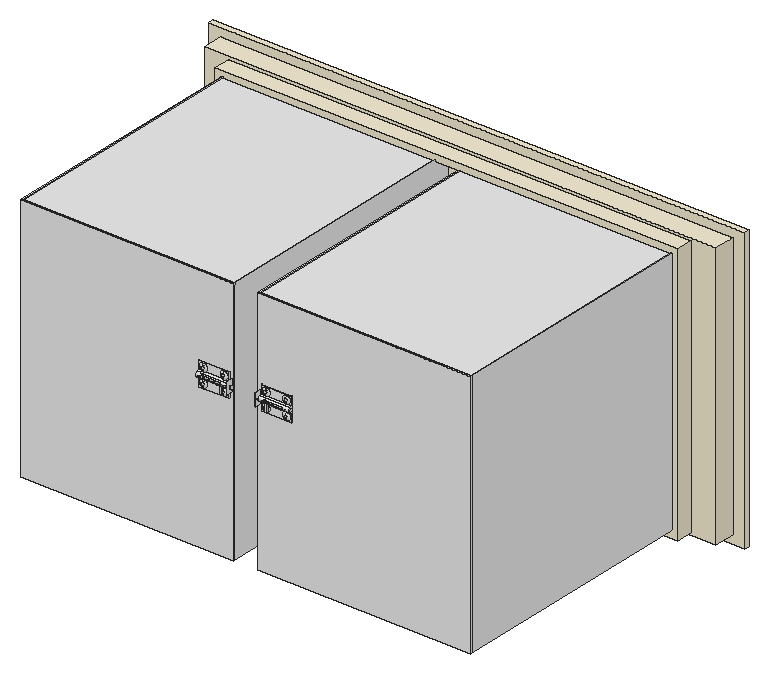
Revit family "4C-4_Door_High_Units_RL.rfa", category Specialty Equipment, host Wall, Revit 2016
Family settings
  Host = Wall
  Part Type = Normal
  Round Connector Dimension = Use Diameter
  Always vertical = Yes
  Cut with Voids When Loaded = No
  Shared = No
  Room Calculation Point = No
Parameters (values of type "3704D-06 RL")
  Width = 31.09766"
  Visible Door Number [instance] = yes
  Vertical Center Divider = yes
  Version = "2.0 (08/09/16)"
  Type Comments = "4C Standard Horizontal Mailbox - Rear Loading"
  Top Back Plate = no
  Right Inside Wall = yes
  Model = "3704D-06 RL"
  MasterFormat Title = "Postal Specialties"
  MasterFormat Number = "10 55 00"
  Manufacturer = "Salsbury Industries"
  Lock Material = Stainless Steel -Salsbury Finish =  Polished
  Left Inside Wall = yes
  Latch Lock - Right Side = yes
  Latch Lock - Left Side = yes
  Latch Alignment = 14.85742"
  Keynote = ""
  Height = 16.470"
  Front Panel Material [instance] = Aluminum - Salsbury Finish = Sandstone
  Door Slot R4 Number [instance] = "6"
  Door Slot R4 = 3700 Series 4C Door Configurations : MB1 Door w/ Divider
  Door Slot R3 Number [instance] = "0"
  Door Slot R3 = 3700 Series 4C OM2 Configuration : OM2-RL
  Door Slot R2 Number [instance] = "0"
  Door Slot R2 = 3700 Series 4C Door Configurations : Empty
  Door Slot R1 Number [instance] = "5"
  Door Slot R1 = 3700 Series 4C Door Configurations : MB1 Door
  Door Slot L4 Number [instance] = "4"
  Door Slot L4 = 3700 Series 4C Door Configurations : MB1 Door w/ Divider
  Door Slot L3 Number [instance] = "3"
  Door Slot L3 = 3700 Series 4C Door Configurations : MB1 Door w/ Divider
  Door Slot L2 Number [instance] = "2"
  Door Slot L2 = 3700 Series 4C Door Configurations : MB1 Door w/ Divider
  Door Slot L1 Number [instance] = "1"
  Door Slot L1 = 3700 Series 4C Door Configurations : MB1 Door
  Description = "4 Door High Unit: 6 MB1, OM2"
  Depth = 17.025"
  Center Extrusion Offset [instance] = 0.000"
  Bottom Back Plate = no
  Back Enclosure Material = Aluminum - Salsbury Finish = Anodized
  Assembly Code = "C1030910"
  Above Finished Floor (AFF-Bottom of Unit) [instance] = 26.683"
  Above Finished Floor (AFF-Bottom of Door) [instance] = 28.000"
Reference planes (in)
  plane 1 "Wall Centerline": y = 0
  plane 2 "Center (Left/Right)": x = 0
  plane 3 "Front": y = 3
  plane 4 "15" AFF": z = 28
  plane 5 "28" AFF": z = 28
  plane 6 "36" AFF": z = 36
  plane 7 "48" AFF": z = 48
  plane 8 "Bottom of Unit": z = 26.683
  plane 9 "Top of Unit": z = 43.153
  plane 10 "Left Side of Unit": x = 15.54883
  plane 11 "Right Side of Unit": x = -15.54883
  plane 12 "28" AFF_Bottom of Unit": z = 26.683
  plane 13 "Top Horiz Trim Align": z = 42.32225
  plane 14 "Bottom Horiz Trim Align": z = 27.515
  plane 15 "Left Trim Align": x = 14.716
  plane 16 "Right Trim Align": x = -14.716
  plane 17 "Left Door Align": x = 14.06641
  plane 18 "Right Door Align": x = -14.06641
  plane 19 "Top Horiz Door Align": z = 41.73125
  plane 20 "Bottom Horiz Door Align": z = 28
  plane 21 "Front Face of Unit": y = 3.265
  plane 22 "Top Housing Align": z = 42.649
  plane 23 "Top Collar Align": z = 42.501
  plane 24 "Top Box Align": z = 42.146
  plane 25 "Vertical Housing Align": y = 1.795
  plane 26 "Vertical Collar Align": y = 0.795
  plane 27 "Back of Unit": y = -13.76
  plane 28 "Bottom Housing Align": z = 27.187
  plane 29 "Bottom Collar Align": z = 27.335
  plane 30 "Bottom Box Align": z = 27.75
  plane 31 "Door Alignment": y = 2.66809
  plane 32 "Right Housing Align": x = -14.84183
  plane 33 "Right Collar Align": x = -13.40883
  plane 34 "Right Box Side Align": x = -13.08083
  plane 35 "Left Housing Align": x = 14.84183
  plane 36 "Left Collar Align": x = 13.40883
  plane 37 "Left Side Box Align": x = 13.08083
  plane 38 "Top Back Plate Align": z = 41.367
  plane 39 "Back": y = -3
  plane 40 "RO Left Side": x = 15.17383
  plane 41 "RO Right Side": x = -15.17383
  plane 42 "RO Bottom": z = 27.058
  plane 43 "RO Top": z = 42.778
  plane 44 "Horiz Centerline": z = 42.04237
  plane 45: x = 12.99983
  plane 46: x = 12.92758
  plane 47 "Center Extrusion": x = 0
  plane 48 "Center Extrusion Offset": x = 0
  plane 49 "Row 4 Top Align": z = 31.5
  plane 50 "Row 3 Top Align": z = 35
  plane 51 "Row 2 Top Align": z = 38.5
  plane 52 "Top of base shelf": z = 28.41625
  plane 53 "base shelf void": z = 28.23439
  plane 54: z = 29.999
  plane 55: z = 28.499
  plane 56 "bottom of base shelf": z = 27.88469
  plane 57: x = -0.69141
  plane 58: x = 0.69141
  plane 59: z = 36.8
Forms (in)
  Extrusion 1, void
    sketch origin (0, 3, 0) x (1, 0, 0) y (0, 0, 1)
      loop
        line (15.17383, 42.778) -> (-15.17383, 42.778) -> (-15.17383, 27.058) -> (15.17383, 27.058) -> (15.17383, 42.778)
    from 0 to 15.27914
  Extrusion 2, solid, material "Aluminum - Salsbury Finish = Sandstone" <- "Front Panel Material"
    sketch origin (0, 3, 0) x (1, 0, 0) y (0, 0, 1)
      loop
        line (15.54883, 43.153) -> (-15.54883, 43.153) -> (-15.54883, 26.683) -> (15.54883, 26.683) -> (15.54883, 43.153)
    from -0.265 to 0
  Extrusion 3, void
    sketch origin (0, 3.265, 0.00774) x (0, 0, -1) y (-1, 0, 0)
      loop
        line (-42.31451, -14.716) -> (-27.50726, -14.716) -> (-27.50726, 14.716) -> (-42.31451, 14.716) -> (-42.31451, -14.716)
    from -0.265 to 0
  Extrusion 4, solid, material "Aluminum - Salsbury Finish = Sandstone" <- "Front Panel Material"
    sketch origin (14.98214, 3.265, -1.67978) x (0, 0, -1) y (-1, 0, 0)
      loop
        line (-44.00203, 29.69814) -> (-44.00203, 29.04855) -> (-29.19478, 29.04855) -> (-29.19478, 29.69814) -> (-44.00203, 29.69814)
    from 0 to -0.265
  Extrusion 5, solid, material "Aluminum - Salsbury Finish = Sandstone" <- "Front Panel Material"
    sketch origin (0, 3.265, 84.08475) x (0, 0, 1) y (1, 0, 0)
      loop
        line (-56.56975, 14.06641) -> (-56.56975, -14.06641) -> (-56.08475, -14.06641) -> (-56.08475, 14.06641) -> (-56.56975, 14.06641)
    from -0.265 to 0
  Extrusion 6, solid, material "Aluminum - Salsbury Finish = Sandstone" <- "Front Panel Material"
    sketch origin (0, 3, 84.08475) x (1, 0, 0) y (0, 0, 1)
      loop
        line (-14.84183, -56.89775) -> (14.84183, -56.89775) -> (14.84183, -41.43575) -> (-14.84183, -41.43575) -> (-14.84183, -56.89775)
    from 0 to 1.205
  Extrusion 7, solid, material "Aluminum - Salsbury Finish = Sandstone" <- "Front Panel Material"
    sketch origin (0, 1.795, 0) x (0, 0, 1) y (-1, 0, 0)
      loop
        line (27.335, 13.40883) -> (27.335, -13.40883) -> (42.501, -13.40883) -> (42.501, 13.40883) -> (27.335, 13.40883)
    from 0 to 1
  Extrusion 8, void
    sketch origin (0, 1.795, 0) x (0, 0, 1) y (-1, 0, 0)
      loop
        line (42.146, 13.08083) -> (27.75, 13.08083) -> (27.75, -13.08083) -> (42.146, -13.08083) -> (42.146, 13.08083)
    from 0 to 1
  Extrusion 9, solid, material "Aluminum - Salsbury Finish = Sandstone" <- "Front Panel Material"
    sketch origin (0, 3.265, 0) x (0, 0, -1) y (-1, 0, 0)
      loop
        line (-42.32225, -14.716) -> (-27.515, -14.716) -> (-27.515, -14.06641) -> (-42.32225, -14.06641) -> (-42.32225, -14.716)
    from 0 to -0.265
  Extrusion 10, solid, material "Aluminum - Salsbury Finish = Sandstone" <- "Front Panel Material"
    sketch origin (0, 3.265, 0) x (0, 0, -1) y (-1, 0, 0)
      loop
        line (-42.32225, -14.06641) -> (-41.73125, -14.06641) -> (-41.73125, 14.06641) -> (-42.32225, 14.06641) -> (-42.32225, -14.06641)
    from -0.265 to 0
  Extrusion 11, void
    sketch origin (0, 1.795, 0) x (0, 0, 1) y (-1, 0, 0)
      loop
        line (42.501, -13.40883) -> (42.501, 13.40883) -> (27.335, 13.40883) -> (27.335, -13.40883) -> (42.501, -13.40883)
    from -1.124 to 0
  Extrusion 12, void
    sketch origin (0, 3, 0) x (1, 0, 0) y (0, 0, 1)
      loop
        line (14.06641, 42.501) -> (-14.06641, 42.501) -> (-14.06641, 27.335) -> (14.06641, 27.335) -> (14.06641, 42.501)
    from 0 to 0.33191
  Extrusion 13, solid, material "Aluminum - Salsbury Finish = Anodized" <- "Back Enclosure Material"
    sketch origin (-0.54283, 1.795, 0) x (0, 0, 1) y (-1, 0, 0)
      loop
        line (42.146, 12.538) -> (27.75, 12.538) -> (27.75, 12.457) -> (42.146, 12.457) -> (42.146, 12.538)
    from 0 to 15.47297
  Extrusion 14, solid, material "Aluminum - Salsbury Finish = Anodized" <- "Back Enclosure Material", visible <- "Right Inside Wall"
    sketch origin (11.7675, 1.795, 0) x (0, 0, 1) y (-1, 0, 0)
      loop
        line (42.146, 12.538) -> (27.75, 12.538) -> (27.75, 12.457) -> (42.146, 12.457) -> (42.146, 12.538)
    from 0 to 15.47297
  Extrusion 15, solid, material "Aluminum - Salsbury Finish = Anodized" <- "Back Enclosure Material"
    sketch origin (0.54283, 1.795, 0) x (0, 0, 1) y (-1, 0, 0)
      loop
        line (42.146, -12.538) -> (42.146, -12.457) -> (27.75, -12.457) -> (27.75, -12.538) -> (42.146, -12.538)
    from 0 to 15.47297
  Extrusion 16, solid, material "Aluminum - Salsbury Finish = Anodized" <- "Back Enclosure Material", visible <- "Left Inside Wall"
    sketch origin (-11.7675, 1.795, 0) x (0, 0, 1) y (-1, 0, 0)
      loop
        line (42.146, -12.538) -> (42.146, -12.457) -> (27.75, -12.457) -> (27.75, -12.538) -> (42.146, -12.538)
    from 0 to 15.47297
  Extrusion 17, solid, material "Aluminum - Salsbury Finish = Anodized" <- "Back Enclosure Material"
    sketch origin (0, -13.76, 0) x (0, 0, 1) y (-1, 0, 0)
      loop
        line (42.146, 13.08083) -> (27.75, 13.08083) -> (27.75, -13.08083) -> (42.146, -13.08083) -> (42.146, 13.08083)
    from -0.08203 to 0
  Extrusion 18, solid, material "Aluminum - Salsbury Finish = Anodized" <- "Back Enclosure Material"
    sketch origin (0, 0, 42.146) x (0, 1, 0) y (-1, 0, 0)
      loop
        line (1.795, 12.99983) -> (-13.67797, 12.99983) -> (-13.67797, -12.99983) -> (1.795, -12.99983) -> (1.795, 12.99983)
    from -0.35871 to 0
  Extrusion 19, void
    sketch origin (0, 0, 42.146) x (0, 1, 0) y (-1, 0, 0)
      loop
        line (1.7325, 12.93342) -> (-13.61547, 12.93342) -> (-13.61547, -12.92758) -> (1.7325, -12.92758) -> (1.7325, 12.93342)
    from -0.0723 to -0.6459
  Extrusion 20, solid, material "Aluminum - Salsbury Finish = Anodized" <- "Back Enclosure Material"
    sketch origin (0, 0, 27.88469) x (-1, 0, 0) y (0, -1, 0)
      loop
        line (12.99983, -1.795) -> (12.99983, 13.67797) -> (-12.99983, 13.67797) -> (-12.99983, -1.795) -> (12.99983, -1.795)
    from 0.53156 to 0
  Extrusion 21, void
    sketch origin (0, 0, 27.88469) x (-1, 0, 0) y (0, -1, 0)
      loop
        line (12.93342, -1.7325) -> (12.93342, 13.61547) -> (-12.92758, 13.61547) -> (-12.92758, -1.7325) -> (12.93342, -1.7325)
    from 0.3497 to 0
  Extrusion 22, solid, material "Aluminum - Salsbury Finish = Anodized" <- "Back Enclosure Material", visible <- "Top Back Plate"
    sketch origin (0, -13.76, 0) x (0, 0, 1) y (-1, 0, 0)
      loop
        line (41.367, 2) -> (39.867, 2) -> (39.867, -2) -> (41.367, -2) -> (41.367, 2)
    from 0 to 0.08203
  Extrusion 23, solid, material "Aluminum - Salsbury Finish = Anodized" <- "Back Enclosure Material", visible <- "Bottom Back Plate"
    sketch origin (0, -13.76, 84.11475) x (0, 0, -1) y (1, 0, 0)
      loop
        line (55.61575, -2) -> (55.61575, 2) -> (54.11575, 2) -> (54.11575, -2) -> (55.61575, -2)
    from 0 to 0.08203
  Extrusion 24, void
    sketch origin (0, 0, 0) x (0, 0, 1) y (0, 1, 0)
      loop
        line (42.146, 1.795) -> (42.32225, 1.795) -> (42.32225, 3.265) -> (27.515, 3.265) -> (27.515, 1.795) -> (27.75, 1.795) -> (27.75, -13.76) -> (42.146, -13.76) -> (42.146, 1.795)
    from -0.69141 to 0.69141
  Extrusion 25, solid, material "Aluminum - Salsbury Finish = Sandstone" <- "Front Panel Material", visible <- "Vertical Center Divider"
    sketch origin (-0.77934, 3.265, 0) x (0, 0, -1) y (-1, 0, 0)
      loop
        line (-42.32225, -1.47075) -> (-27.515, -1.47075) -> (-27.515, -0.08794) -> (-42.32225, -0.08794) -> (-42.32225, -1.47075)
    from 0 to -1.47
Cuts and joins
  Extrusion 3, Extrusion 11, Extrusion 24 cuts Extrusion 2
  Extrusion 8, Extrusion 11, Extrusion 12, Extrusion 24 cuts Extrusion 5
  Extrusion 8, Extrusion 12, Extrusion 19, Extrusion 24 cuts Extrusion 7
  Extrusion 11, Extrusion 12, Extrusion 24 cuts Extrusion 10
  Extrusion 11, Extrusion 12 cuts Extrusion 6
  Extrusion 12 cuts Extrusion 4
  Extrusion 12 cuts Extrusion 9
  Extrusion 19, Extrusion 21, Extrusion 24 cuts Extrusion 18
  Extrusion 21, Extrusion 24 cuts Extrusion 20
  Extrusion 24 cuts Extrusion 17
  Extrusion 24 cuts Extrusion 22
  Extrusion 24 cuts Extrusion 23
Lines and regions (in)
  model lines
    curve 1: line (15.54883, 3.265, 43.153) -> (14.716, 3.265, 42.32017)
    curve 2: line (-15.54883, 3.265, 43.153) -> (-14.716, 3.265, 42.32017)
    curve 3: line (-15.54883, 3.265, 26.683) -> (-14.716, 3.265, 27.51583)
    curve 4: line (15.54883, 3.265, 26.683) -> (14.716, 3.265, 27.51583)
  reference lines
    curve 5: line (-14.06641, 2.66809, 25.683) -> (-14.06641, 2.66809, 47.43425)
    curve 6: line (14.06641, 2.66809, 26.183) -> (14.06641, 2.66809, 47.43425)
Text (in)
  text "Placement Side" at (0, 40.15149, 123.01588), in view "Right"
  text "Placement Side" at (-58.6842, 42.74981, 0), in view "Ref. Level"
  text "Placement Side" at (0, 47.49176, 140.59947), in view "Left"
Dimensions and locks (in)
  locked: plane 3 "Front" to host wall
  "Above Finished Floor (AFF-Bottom of Door)": level to plane 4 "15" AFF"
  locked: level to plane 5 "28" AFF" at 28
  locked: level to plane 6 "36" AFF" at 36
  locked: level to plane 7 "48" AFF" at 48
  equal spacing: plane 11 "Right Side of Unit", plane 2 "Center (Left/Right)", plane 10 "Left Side of Unit"
  plane 8 "Bottom of Unit" to plane 4 "15" AFF" = 1.317"
  "Width": plane 11 "Right Side of Unit" to plane 10 "Left Side of Unit"
  "Height": plane 8 "Bottom of Unit" to plane 9 "Top of Unit"
  plane 12 "28" AFF_Bottom of Unit" to plane 5 "28" AFF" = 1.317"
  locked: plane 15 "Left Trim Align" to plane 10 "Left Side of Unit" at 0.83283
  locked: plane 16 "Right Trim Align" to plane 11 "Right Side of Unit" at 0.83283
  locked: plane 13 "Top Horiz Trim Align" to plane 9 "Top of Unit" at 0.83075
  locked: plane 8 "Bottom of Unit" to plane 14 "Bottom Horiz Trim Align" at 0.832
  plane 17 "Left Door Align" to plane 15 "Left Trim Align" = 0.64959"
  plane 18 "Right Door Align" to plane 16 "Right Trim Align" = 0.64959"
  locked: plane 19 "Top Horiz Door Align" to plane 13 "Top Horiz Trim Align" at 0.591
  locked: plane 14 "Bottom Horiz Trim Align" to plane 20 "Bottom Horiz Door Align" at 0.485
  plane 20 "Bottom Horiz Door Align" to level = 28.000"
  plane 5 "28" AFF" to level = 28.000"
  plane 6 "36" AFF" to level = 36.000"
  plane 7 "48" AFF" to level = 48.000"
  plane 9 "Top of Unit" to plane 8 "Bottom of Unit" = 16.470"
  plane 21 "Front Face of Unit" to host wall = 0.265"
  locked: host wall to plane 25 "Vertical Housing Align" at 1.205
  locked: plane 25 "Vertical Housing Align" to plane 26 "Vertical Collar Align" at 1
  plane 25 "Vertical Housing Align" to plane 27 "Back of Unit" = 15.555"
  "Depth": plane 21 "Front Face of Unit" to plane 27 "Back of Unit"
  locked: plane 9 "Top of Unit" to plane 22 "Top Housing Align" at 0.504
  locked: plane 22 "Top Housing Align" to plane 23 "Top Collar Align" at 0.148
  locked: plane 23 "Top Collar Align" to plane 24 "Top Box Align" at 0.355
  locked: plane 28 "Bottom Housing Align" to plane 8 "Bottom of Unit" at 0.504
  locked: plane 29 "Bottom Collar Align" to plane 28 "Bottom Housing Align" at 0.148
  locked: plane 30 "Bottom Box Align" to plane 29 "Bottom Collar Align" at 0.415
  plane 24 "Top Box Align" to plane 30 "Bottom Box Align" = 14.396"  (x2)
  locked: plane 21 "Front Face of Unit" to plane 31 "Door Alignment" at 0.59691
  plane 11 "Right Side of Unit" to plane 32 "Right Housing Align" to plane 33 "Right Collar Align" to plane 34 "Right Box Side Align" = 0.707" locked, 1.433" locked, 0.328" locked
  plane 37 "Left Side Box Align" to plane 36 "Left Collar Align" to plane 35 "Left Housing Align" to plane 10 "Left Side of Unit" = 0.328" locked, 1.433" locked, 0.707" locked
  plane 11 "Right Side of Unit" to plane 32 "Right Housing Align" to plane 33 "Right Collar Align" to plane 34 "Right Box Side Align" = 0.707", 1.433", 0.328"
  plane 37 "Left Side Box Align" to plane 36 "Left Collar Align" to plane 35 "Left Housing Align" to plane 10 "Left Side of Unit" = 0.328", 1.433", 0.707"
  plane 9 "Top of Unit" to plane 24 "Top Box Align" = 1.007"
  plane 30 "Bottom Box Align" to plane 8 "Bottom of Unit" = 1.067"
  locked: plane 24 "Top Box Align" to plane 38 "Top Back Plate Align" at 0.779
  locked: plane 40 "RO Left Side" to plane 10 "Left Side of Unit" at 0.375
  locked: plane 41 "RO Right Side" to plane 11 "Right Side of Unit" at 0.375
  locked: plane 8 "Bottom of Unit" to plane 42 "RO Bottom" at 0.375
  locked: plane 43 "RO Top" to plane 9 "Top of Unit" at 0.375
  Extrusion 13 to Extrusion 13 = 0.081"
  Extrusion 15 to Extrusion 15 = 0.081"
  plane 45 to plane 37 "Left Side Box Align" = 0.081"
  plane 46 to plane 45 = 0.07225"
  plane 18 "Right Door Align" to plane 17 "Left Door Align" = 28.13281"
  "Center Extrusion Offset": plane 47 "Center Extrusion" to plane 48 "Center Extrusion Offset"
  plane 20 "Bottom Horiz Door Align" to plane 49 "Row 4 Top Align" to plane 50 "Row 3 Top Align" to plane 51 "Row 2 Top Align" = 3.500" locked, 3.500" locked, 3.500" locked
  plane 52 "Top of base shelf" to plane 53 "base shelf void" to plane 56 "bottom of base shelf" to plane 30 "Bottom Box Align" = 0.18186" locked, 0.3497" locked, 0.13469" locked
  plane 54 to plane 55 to plane 8 "Bottom of Unit" = 1.500" locked, 1.816" locked
  "Above Finished Floor (AFF-Bottom of Unit)": level to plane 8 "Bottom of Unit"
  locked: plane 57 to plane 58 at 1.38281
  plane 59 to plane 30 "Bottom Box Align" = 9.050"
  "Latch Alignment": plane 11 "Right Side of Unit" to plane 57
  aligned and locked: plane 8 "Bottom of Unit" to Extrusion 2 sketch curve
  aligned and locked: plane 10 "Left Side of Unit" to Extrusion 2 sketch curve
  aligned and locked: Extrusion 2 sketch curve to plane 11 "Right Side of Unit"
  aligned and locked: Extrusion 2 sketch curve to plane 9 "Top of Unit"
  aligned and locked: plane 21 "Front Face of Unit" to Extrusion 2
  aligned and locked: Extrusion 4 to plane 16 "Right Trim Align"
  aligned and locked: plane 18 "Right Door Align" to Extrusion 4
  aligned and locked: plane 13 "Top Horiz Trim Align" to Extrusion 4
  aligned and locked: Extrusion 5 to plane 14 "Bottom Horiz Trim Align"
  aligned and locked: Extrusion 5 to plane 17 "Left Door Align"
  aligned and locked: plane 20 "Bottom Horiz Door Align" to Extrusion 5
  aligned and locked: Extrusion 5 to plane 18 "Right Door Align"
  aligned and locked: plane 34 "Right Box Side Align" to Extrusion 17 sketch curve
  aligned and locked: Extrusion 17 sketch curve to plane 24 "Top Box Align"
  aligned and locked: Extrusion 17 sketch curve to plane 37 "Left Side Box Align"
  aligned and locked: plane 30 "Bottom Box Align" to Extrusion 17 sketch curve
  aligned and locked: plane 25 "Vertical Housing Align" to Extrusion 18 sketch curve
  aligned and locked: Extrusion 18 sketch curve to plane 45
  aligned and locked: plane 46 to Extrusion 19
  aligned and locked: plane 45 to cut or joined group of Extrusion 18, Extrusion 19, Extrusion 21, Extrusion 24
  aligned and locked: plane 25 "Vertical Housing Align" to Extrusion 20 sketch curve
  aligned and locked: Extrusion 20 sketch curve to plane 45
  aligned and locked: plane 46 to cut or joined group of Extrusion 20, Extrusion 21, Extrusion 24
  aligned and locked: plane 17 "Left Door Align" to cut or joined group of Extrusion 9, Extrusion 12
  aligned and locked: plane 25 "Vertical Housing Align" to Extrusion 25
  aligned and locked: plane 21 "Front Face of Unit" to Extrusion 25
  aligned and locked: nested 5 to plane 17 "Left Door Align"
  aligned and locked: plane 31 "Door Alignment" to nested 5  (x2)
  aligned and locked: nested 6 to plane 17 "Left Door Align"
  aligned and locked: plane 31 "Door Alignment" to nested 6  (x2)
  aligned and locked: nested 3 to curve 5
  aligned and locked: nested 8 to curve 6
  aligned and locked: nested 7 to curve 6
  aligned and locked: nested 6 to curve 6
  aligned and locked: nested 5 to curve 6
  aligned and locked: plane 31 "Door Alignment" to nested 3
  aligned and locked: plane 31 "Door Alignment" to nested 7
  aligned and locked: plane 31 "Door Alignment" to nested 2
  aligned and locked: plane 31 "Door Alignment" to nested 4
  aligned and locked: nested 1 to curve 5
  aligned and locked: nested 2 to curve 5
  aligned and locked: nested 4 to curve 5
  aligned and locked: plane 31 "Door Alignment" to nested 1
  aligned and locked: cut or joined group of Extrusion 23, Extrusion 24 to plane 55
  aligned and locked: plane 52 "Top of base shelf" to cut or joined group of Extrusion 20, Extrusion 21, Extrusion 24
  aligned and locked: cut or joined group of Extrusion 20, Extrusion 21, Extrusion 24 to plane 56 "bottom of base shelf"
  aligned and locked: plane 20 "Bottom Horiz Door Align" to nested 4
  aligned and locked: plane 20 "Bottom Horiz Door Align" to nested 8
  aligned and locked: plane 49 "Row 4 Top Align" to nested 3
  aligned and locked: plane 49 "Row 4 Top Align" to nested 7
  aligned and locked: plane 50 "Row 3 Top Align" to nested 2
  aligned and locked: plane 50 "Row 3 Top Align" to nested 6
  aligned and locked: plane 51 "Row 2 Top Align" to nested 1
  aligned and locked: plane 51 "Row 2 Top Align" to nested 5
  aligned and locked: plane 31 "Door Alignment" to nested 8
  aligned and locked: nested 10 to plane 27 "Back of Unit"
  aligned and locked: nested 9 to plane 27 "Back of Unit"
  aligned and locked: plane 59 to nested 9
  aligned and locked: plane 59 to nested 10
  aligned and locked: plane 57 to nested 10
  aligned and locked: plane 58 to nested 9
Automatic sketch dimensions
  Extrusion 1 sketch curve to plane 41 "RO Right Side" = 0.000"
  plane 40 "RO Left Side" to Extrusion 1 sketch curve = 0.000"
  Extrusion 1 sketch curve to plane 42 "RO Bottom" = 0.000"
  Extrusion 1 sketch curve to plane 43 "RO Top" = 0.000"
  Extrusion 6 sketch curve to plane 22 "Top Housing Align" = 0.000"
  Extrusion 6 sketch curve to plane 32 "Right Housing Align" = 0.000"
  Extrusion 6 sketch curve to plane 35 "Left Housing Align" = 0.000"
  Extrusion 6 sketch curve to plane 28 "Bottom Housing Align" = 0.000"
  Extrusion 7 sketch curve to plane 29 "Bottom Collar Align" = 0.000"
  Extrusion 7 sketch curve to plane 23 "Top Collar Align" = 0.000"
  plane 36 "Left Collar Align" to Extrusion 7 sketch curve = 0.000"
  Extrusion 7 sketch curve to plane 33 "Right Collar Align" = 0.000"
  Extrusion 8 sketch curve to plane 30 "Bottom Box Align" = 0.000"
  Extrusion 8 sketch curve to plane 24 "Top Box Align" = 0.000"
  Extrusion 8 sketch curve to plane 37 "Left Side Box Align" = 0.000"
  plane 34 "Right Box Side Align" to Extrusion 8 sketch curve = 0.000"
  Extrusion 11 sketch curve to plane 29 "Bottom Collar Align" = 0.000"
  Extrusion 11 sketch curve to plane 23 "Top Collar Align" = 0.000"
  plane 36 "Left Collar Align" to Extrusion 11 sketch curve = 0.000"
  plane 33 "Right Collar Align" to Extrusion 11 sketch curve = 0.000"
  Extrusion 13 sketch curve to plane 30 "Bottom Box Align" = 0.000"
  Extrusion 13 sketch curve to plane 24 "Top Box Align" = 0.000"
  plane 34 "Right Box Side Align" to Extrusion 13 sketch curve = 0.000"
  Extrusion 13 sketch curve to Extrusion 13 sketch curve = 0.081"
  Extrusion 15 sketch curve to plane 30 "Bottom Box Align" = 0.000"
  Extrusion 15 sketch curve to plane 24 "Top Box Align" = 0.000"
  plane 37 "Left Side Box Align" to Extrusion 15 sketch curve = 0.000"
  plane 37 "Left Side Box Align" to Extrusion 15 sketch curve = 0.081"
  Extrusion 18 sketch curve to plane 27 "Back of Unit" = 0.08203"
  plane 34 "Right Box Side Align" to Extrusion 18 sketch curve = 0.081"
  curve 2 to plane 9 "Top of Unit" = 0.000"
  curve 1 to plane 9 "Top of Unit" = 0.000"
  curve 2 to plane 16 "Right Trim Align" = 0.000"
  plane 15 "Left Trim Align" to curve 1 = 0.000"
  curve 3 to plane 16 "Right Trim Align" = 0.000"
  plane 15 "Left Trim Align" to curve 4 = 0.000"
  curve 4 to plane 8 "Bottom of Unit" = 0.000"
  curve 3 to plane 8 "Bottom of Unit" = 0.000"
  plane 10 "Left Side of Unit" to curve 4 = 0.000"
  plane 10 "Left Side of Unit" to curve 1 = 0.000"
  plane 11 "Right Side of Unit" to curve 3 = 0.000"
  plane 11 "Right Side of Unit" to curve 2 = 0.000"
  curve 2 to plane 13 "Top Horiz Trim Align" = 0.00208"
  curve 1 to plane 13 "Top Horiz Trim Align" = 0.00208"
  plane 14 "Bottom Horiz Trim Align" to curve 3 = 0.00083"
  plane 14 "Bottom Horiz Trim Align" to curve 4 = 0.00083"
  Extrusion 3 sketch curve to plane 13 "Top Horiz Trim Align" = 0.000"
  Extrusion 3 sketch curve to plane 14 "Bottom Horiz Trim Align" = 0.000"
  plane 15 "Left Trim Align" to Extrusion 3 sketch curve = 0.000"
  Extrusion 3 sketch curve to plane 16 "Right Trim Align" = 0.000"
  plane 13 "Top Horiz Trim Align" to Extrusion 4 sketch curve = 0.000"
  plane 14 "Bottom Horiz Trim Align" to Extrusion 4 sketch curve = 0.000"
  Extrusion 4 sketch curve to plane 16 "Right Trim Align" = 0.000"
  Extrusion 4 sketch curve to plane 18 "Right Door Align" = 0.000"
  Extrusion 5 sketch curve to plane 14 "Bottom Horiz Trim Align" = 0.000"
  Extrusion 5 sketch curve to plane 4 "15" AFF" = 0.000"
  plane 17 "Left Door Align" to Extrusion 5 sketch curve = 0.000"
  Extrusion 5 sketch curve to plane 18 "Right Door Align" = 0.000"
  Extrusion 9 sketch curve to plane 13 "Top Horiz Trim Align" = 0.000"
  Extrusion 9 sketch curve to plane 14 "Bottom Horiz Trim Align" = 0.000"
  plane 15 "Left Trim Align" to Extrusion 9 sketch curve = 0.000"
  plane 17 "Left Door Align" to Extrusion 9 sketch curve = 0.000"
  Extrusion 10 sketch curve to plane 13 "Top Horiz Trim Align" = 0.000"
  plane 17 "Left Door Align" to Extrusion 10 sketch curve = 0.000"
  Extrusion 10 sketch curve to plane 18 "Right Door Align" = 0.000"
  Extrusion 10 sketch curve to plane 19 "Top Horiz Door Align" = 0.000"
  Extrusion 12 sketch curve to plane 18 "Right Door Align" = 0.000"
  plane 17 "Left Door Align" to Extrusion 12 sketch curve = 0.000"
  Extrusion 12 sketch curve to plane 29 "Bottom Collar Align" = 0.000"
  Extrusion 12 sketch curve to plane 23 "Top Collar Align" = 0.000"
  Extrusion 14 sketch curve to plane 30 "Bottom Box Align" = 0.000"
  Extrusion 14 sketch curve to plane 24 "Top Box Align" = 0.000"
  Extrusion 14 sketch curve to plane 2 "Center (Left/Right)" = 0.6895"
  Extrusion 14 sketch curve to Extrusion 14 sketch curve = 0.081"
  Extrusion 16 sketch curve to plane 30 "Bottom Box Align" = 0.000"
  Extrusion 16 sketch curve to plane 24 "Top Box Align" = 0.000"
  Extrusion 16 sketch curve to plane 2 "Center (Left/Right)" = 0.6895"
  Extrusion 16 sketch curve to Extrusion 16 sketch curve = 0.081"
  Extrusion 19 sketch curve to plane 46 = 0.000"
  Extrusion 19 sketch curve to plane 27 "Back of Unit" = 0.14453"
  plane 25 "Vertical Housing Align" to Extrusion 19 sketch curve = 0.0625"
  plane 34 "Right Box Side Align" to Extrusion 19 sketch curve = 0.14741"
  Extrusion 22 sketch curve to plane 38 "Top Back Plate Align" = 0.000"
  plane 38 "Top Back Plate Align" to Extrusion 22 sketch curve = 1.500"
  plane 2 "Center (Left/Right)" to Extrusion 22 sketch curve = 2.000"
  Extrusion 22 sketch curve to plane 2 "Center (Left/Right)" = 2.000"
  Extrusion 23 sketch curve to plane 2 "Center (Left/Right)" = 2.000"
  plane 2 "Center (Left/Right)" to Extrusion 23 sketch curve = 2.000"
  Extrusion 24 sketch curve to plane 14 "Bottom Horiz Trim Align" = 0.000"
  Extrusion 24 sketch curve to plane 25 "Vertical Housing Align" = 0.000"  (x2)
  Extrusion 24 sketch curve to plane 30 "Bottom Box Align" = 0.000"
  Extrusion 24 sketch curve to plane 24 "Top Box Align" = 0.000"
  Extrusion 24 sketch curve to plane 13 "Top Horiz Trim Align" = 0.000"
  Extrusion 24 sketch curve to plane 27 "Back of Unit" = 0.000"
  Extrusion 24 sketch curve to plane 21 "Front Face of Unit" = 0.000"
  Extrusion 25 sketch curve to plane 13 "Top Horiz Trim Align" = 0.000"
  Extrusion 25 sketch curve to plane 14 "Bottom Horiz Trim Align" = 0.000"
  plane 2 "Center (Left/Right)" to Extrusion 25 sketch curve = 0.69141"
  Extrusion 25 sketch curve to plane 2 "Center (Left/Right)" = 0.69141"
  curve 5 to plane 18 "Right Door Align" = 0.000"
  plane 17 "Left Door Align" to curve 6 = 0.000"
  curve 5 to plane 8 "Bottom of Unit" = 1.000"
  curve 6 to plane 8 "Bottom of Unit" = 0.500"
  plane 9 "Top of Unit" to curve 6 = 4.28125"
  plane 9 "Top of Unit" to curve 5 = 4.28125"
  Extrusion 23 sketch curve to plane 4 "15" AFF" = 0.499"
  Extrusion 23 sketch curve to Extrusion 23 sketch curve = 1.500"
  plane 34 "Right Box Side Align" to Extrusion 20 sketch curve = 0.081"
  Extrusion 20 sketch curve to plane 27 "Back of Unit" = 0.08203"
  Extrusion 21 sketch curve to plane 46 = 0.000"
  plane 34 "Right Box Side Align" to Extrusion 21 sketch curve = 0.14741"
  plane 25 "Vertical Housing Align" to Extrusion 21 sketch curve = 0.0625"
  Extrusion 21 sketch curve to plane 27 "Back of Unit" = 0.14453"
Nested families (in)
  nested 1: "3700 Series 4C Door Configurations" at (-7.37891, 2.79505, 38.5) x (-1, 0, 0) z (0, 0, 1), type <- "Door Slot R1", Door Number <- "Door Slot R1 Number", type "MB1 Door"
    with Door Number "5"
  nested 2: "3700 Series 4C Door Configurations" at (-7.37891, 2.79505, 35) x (-1, 0, 0) z (0, 0, 1), type <- "Door Slot R2", Door Number <- "Door Slot R2 Number", type "Empty"
    with Door Number "0"
  nested 3: "3700 Series 4C OM2 Configuration" at (-7.37891, 2.79505, 31.5) x (-1, 0, 0) z (0, 0, 1), type <- "Door Slot R3", Door Number <- "Door Slot R3 Number", type "OM2-RL"
    with Door Number "0"
  nested 4: "3700 Series 4C Door Configurations" at (-7.37891, 2.79505, 28) x (-1, 0, 0) z (0, 0, 1), type <- "Door Slot R4", Door Number <- "Door Slot R4 Number", type "MB1 Door w/ Divider"
    with Door Number "6"
  nested 5: "3700 Series 4C Door Configurations" at (7.37891, 2.79505, 38.5) x (-1, 0, 0) z (0, 0, 1), type <- "Door Slot L1", Door Number <- "Door Slot L1 Number", type "MB1 Door"
    with Door Number "1"
  nested 6: "3700 Series 4C Door Configurations" at (7.37891, 2.79505, 35) x (-1, 0, 0) z (0, 0, 1), type <- "Door Slot L2", Door Number <- "Door Slot L2 Number", type "MB1 Door w/ Divider"
    with Door Number "2"
  nested 7: "3700 Series 4C Door Configurations" at (7.37891, 2.79505, 31.5) x (-1, 0, 0) z (0, 0, 1), type <- "Door Slot L3", Door Number <- "Door Slot L3 Number", type "MB1 Door w/ Divider"
    with Door Number "3"
  nested 8: "3700 Series 4C Door Configurations" at (7.37891, 2.79505, 28) x (-1, 0, 0) z (0, 0, 1), type <- "Door Slot L4", Door Number <- "Door Slot L4 Number", type "MB1 Door w/ Divider"
    with Door Number "4"
  nested 9: "4C Latch Lock-Left" at (1.81641, -13.882, 36.1125) x (-1, 0, 0) z (0, 0, 1), type "Lock Latch"
  nested 10: "4C Latch Lock-Right" at (-1.81641, -13.882, 36.1125) x (-1, 0, 0) z (0, 0, 1), type "Lock Latch"
Definition of nested family "3700 Series 4C Door Configurations"
  Parameters (values of type "MB1 Door w/ Divider")
    Weight = "5 lbs."
    Visible Door Number = yes
    URL = ""
    Model = "3700MB1"
    Manufacturer = "Salsbury Industries"
    Lock Material = none
    Inset Offset = 0.000"
    Front Panel Material = none
    Door Width = 13.375"
    Door Visibility-MB1 = yes
    Door Number [instance] = "101"
    Door Lock = yes
    Door Height = 3.23047"
    Door Divider = yes
    Door Depth = 0.25391"
    Description = "MB1 Door for 3700 Series 4C Mailboxes"
    Cost = 0
    Center Lock-Vertical = 0.875"
    Center Lock-Horizontal = 1.61523"
  Types (11): name | Weight | Visible Door Number | Model | Inset Offset | Door Visibility-MB1 | Door Lock | Door Height | Door Divider | Description
    MB1 Door w/ Divider | "5 lbs." | yes | "3700MB1" | 0.000" | yes | yes | 3.23047" | yes | "MB1 Door for 3700 Series 4C Mailboxes"
    MB1 Door | "5 lbs." | yes | "3700MB1" | 0.000" | yes | yes | 3.23047" | no | "MB1 Door for 3700 Series 4C Mailboxes"
    MB2 Door | "10 lbs." | yes | "3700MB2" | 0.000" | yes | yes | 6.73047" | no | "MB2 Door for 3700 Series 4C Mailboxes"
    MB2 Door w/ Divider | "10 lbs." | yes | "3700MB2" | 0.000" | yes | yes | 6.73047" | yes | "MB2 Door for 3700 Series 4C Mailboxes"
    MB3 Door | "15 lbs." | yes | "3700MB3" | 0.000" | yes | yes | 10.23047" | no | "MB3 Door for 3700 Series 4C Mailboxes"
    MB3 Door w/ Divider | "15 lbs." | yes | "3700MB3" | 0.000" | yes | yes | 10.23047" | yes | "MB3 Door for 3700 Series 4C Mailboxes"
    MB4 Door | "20 lbs." | yes | "3700MB4" | 0.000" | yes | yes | 13.73047" | no | "MB4 Door for 3700 Series 4C Mailboxes"
    MB4 Door w/ Divider | "20 lbs." | yes | "3700MB4" | 0.000" | yes | yes | 13.73047" | yes | "MB4 Door for 3700 Series 4C Mailboxes"
    Blank Door | "5 lbs." | no | "3700MB1" | 0.18359" | yes | no | 3.23047" | no | "MB1 Door for 3700 Series 4C Mailboxes"
    Blank Door w/ Divider | "5 lbs." | no | "3700MB1" | 0.18402" | yes | no | 3.23047" | yes | "MB1 Door for 3700 Series 4C Mailboxes"
    Empty | "5 lbs." | no | "Empty MB1" | 0.18359" | no | no | 3.23047" | no | "Empty MB1 Door for 3700 Series 4C Mailboxes"
  Reference planes (in)
    plane 1 "Center (Front/Back)": y = 0
    plane 2 "Bottom of Door": z = 0
    plane 3 "Center (Left/Right)": x = 0
    plane 4 "Left Side Face of Door": x = -6.6875
    plane 5 "Right Side Face of Door": x = 6.6875
    plane 6 "Back Face of Door": y = 0.12695
    plane 7 "Front Face of Door": y = -0.12695
    plane 8: z = 3.23047
    plane 9: z = 1.61523
    plane 10 "Face of Divider": y = -0.46995
    plane 11 "Center Lock Vertical": x = -5.8125
    plane 12 "Center Lock Horizontal": z = 1.61523
    plane 13 "Face of Lock": y = -0.42383
    plane 14 "Divider Height Align": z = 3.50047
    plane 15 "Inset Center": x = -0.0975
    plane 16 "Inset Offset": y = -0.12695
    plane 17: z = 1.99038
    plane 18: z = 1.24072
  Forms (in)
    Extrusion 1, solid, material <- "Front Panel Material", visible <- "Door Visibility-MB1"
      sketch origin (0, 0, 0) x (1, 0, 0) y (0, 1, 0)
        loop
          line (-6.4355, 0.12695) -> (-6.6875, -0.05445) -> (-6.6875, -0.12695) -> (6.05625, -0.12695)
          arc (6.05625, -0.12695) -> (6.19558, -0.17661) -> (6.27209, -0.3032) r 0.22029
          arc (6.27209, -0.3032) -> (6.3553, -0.42132) -> (6.4925, -0.46664) r 0.23034
          arc (6.4925, -0.46664) -> (6.63039, -0.40952) -> (6.6875, -0.27164) r 0.195
          line (6.6875, -0.27164) -> (6.6875, 0.12695) -> (-6.4355, 0.12695)
      from 0 to 3.23047
    Blend 2, solid, material <- "Lock Material", visible <- "Door Lock"
      base sketch origin (0, -0.12695, 0) x (-1, 0, 0) y (0, 0, 1)
        loop
          circle (5.8125, 1.61523) r 0.525
      top sketch origin (0, -0.12695, 0) x (-1, 0, 0) y (0, 0, 1)
        loop
          circle (5.8125, 1.61523) r 0.485
      from 0 to -0.29688
    Extrusion 3, solid, material <- "Front Panel Material", visible <- "Door Divider"
      sketch origin (0, 0, 3.50047) x (-1, 0, 0) y (0, -1, 0)
        loop
          line (6.6875, -0.12695) -> (6.6875, 0.46995) -> (-6.6875, 0.46995) -> (-6.6875, -0.12695) -> (6.6875, -0.12695)
      from -0.27 to 0
    Extrusion 4, void
      sketch origin (0, -0.42383, 0) x (1, 0, 0) y (0, 0, 1)
        loop
          circle (-5.8125, 1.49523) r 0.285
      from 0 to -0.01562
    Extrusion 5, void
      sketch origin (0, -0.42383, 0) x (1, 0, 0) y (0, 0, 1)
        loop
          line (-5.84183, 1.62353) -> (-5.84183, 1.32353) -> (-5.78183, 1.32353) -> (-5.78183, 1.62353) -> (-5.84183, 1.62353)
      from 0 to -0.03906
    Extrusion 6, void
      sketch origin (0, -0.12695, 0) x (0, 0, 1) y (-1, 0, 0)
        loop
          arc (2.36523, 0.8475) -> (2.32862, 0.93589) -> (2.24023, 0.9725) r 0.125
          line (2.24023, 0.9725) -> (0.99023, 0.9725)
          arc (0.99023, 0.9725) -> (0.90185, 0.93589) -> (0.86523, 0.8475) r 0.125
          line (0.86523, 0.8475) -> (0.86523, -0.6525)
          arc (0.86523, -0.6525) -> (0.90185, -0.74089) -> (0.99023, -0.7775) r 0.125
          line (0.99023, -0.7775) -> (2.24023, -0.7775)
          arc (2.24023, -0.7775) -> (2.32862, -0.74089) -> (2.36523, -0.6525) r 0.125
          line (2.36523, -0.6525) -> (2.36523, 0.8475)
      from 0 to -0.03906
  Cuts and joins
    Extrusion 4, Extrusion 5 cuts Blend 2
    Extrusion 6 cuts Extrusion 1
  Dimensions and locks (in)
    equal spacing: plane 6 "Back Face of Door", plane 1 "Center (Front/Back)", plane 7 "Front Face of Door"
    "Door Depth": plane 6 "Back Face of Door" to plane 7 "Front Face of Door"
    equal spacing: plane 4 "Left Side Face of Door", plane 3 "Center (Left/Right)", plane 5 "Right Side Face of Door"  (x2)
    "Door Width": plane 4 "Left Side Face of Door" to plane 5 "Right Side Face of Door"
    locked: plane 7 "Front Face of Door" to plane 10 "Face of Divider" at 0.343
    "Center Lock-Vertical": plane 4 "Left Side Face of Door" to plane 11 "Center Lock Vertical"
    "Inset Offset": plane 16 "Inset Offset" to plane 7 "Front Face of Door"
    plane 4 "Left Side Face of Door" to plane 5 "Right Side Face of Door" = 13.375"
    plane 6 "Back Face of Door" to plane 10 "Face of Divider" = 0.59691"
    "Door Height": plane 8 to plane 2 "Bottom of Door"
    equal spacing: plane 8, plane 9, plane 2 "Bottom of Door"
    locked: plane 14 "Divider Height Align" to plane 8 at 0.27
    plane 17 to plane 9 to plane 18 = 0.37515" locked, 0.37452" locked
    aligned and locked: level to plane 2 "Bottom of Door"
    aligned and locked: plane 4 "Left Side Face of Door" to Extrusion 1
    aligned and locked: plane 6 "Back Face of Door" to Extrusion 1
    aligned and locked: plane 7 "Front Face of Door" to Extrusion 1
    aligned and locked: plane 8 to Extrusion 1
    aligned and locked: Extrusion 3 sketch curve to plane 4 "Left Side Face of Door"
    aligned and locked: Extrusion 3 sketch curve to plane 6 "Back Face of Door"
    aligned and locked: plane 5 "Right Side Face of Door" to Extrusion 3 sketch curve
    aligned and locked: Extrusion 3 to plane 8
    aligned and locked: plane 10 "Face of Divider" to Extrusion 3 sketch curve
    aligned and locked: plane 14 "Divider Height Align" to Extrusion 3
    aligned and locked: cut or joined group of Extrusion 1, Extrusion 6 to plane 2 "Bottom of Door"
    aligned and locked: plane 18 to text3d elem
  Automatic sketch dimensions
    Extrusion 1 sketch curve to plane 4 "Left Side Face of Door" = 0.000"
    Extrusion 1 sketch curve to plane 6 "Back Face of Door" = 0.000"
    Extrusion 1 sketch curve to plane 7 "Front Face of Door" = 0.000"
    Extrusion 1 sketch curve to plane 5 "Right Side Face of Door" = 0.000"
    Extrusion 1 sketch curve to plane 4 "Left Side Face of Door" = 0.252"
    plane 5 "Right Side Face of Door" to Extrusion 1 sketch curve = 0.63125"
    Extrusion 1 sketch curve to plane 7 "Front Face of Door" = 0.10935"
    plane 5 "Right Side Face of Door" to Extrusion 1 sketch curve = 0.195"
    Extrusion 1 sketch curve to plane 7 "Front Face of Door" = 0.14468"
    plane 10 "Face of Divider" to Extrusion 1 sketch curve = 0.12271"
    plane 1 "Center (Front/Back)" to Extrusion 1 sketch curve = 0.05445"
    plane 10 "Face of Divider" to Extrusion 1 sketch curve = 0.16676"
    Blend 2 sketch curve to plane 9 = 0.000"  (x2)
    plane 11 "Center Lock Vertical" to Blend 2 sketch curve = 0.000"  (x2)
    plane 11 "Center Lock Vertical" to Extrusion 4 sketch curve = 0.000"
    Extrusion 4 sketch curve to plane 9 = 0.120"
    Extrusion 4 sketch curve to Extrusion 4 sketch curve = 0.285"
    plane 11 "Center Lock Vertical" to Extrusion 5 sketch curve = 0.02933"
    Extrusion 5 sketch curve to plane 11 "Center Lock Vertical" = 0.03067"
    Extrusion 5 sketch curve to plane 9 = 0.2917"
    plane 9 to Extrusion 5 sketch curve = 0.0083"
    Extrusion 6 sketch curve to plane 9 = 0.750"
    Extrusion 6 sketch curve to Extrusion 6 sketch curve = 0.125"  (x3)
    plane 9 to Extrusion 6 sketch curve = 0.625"  (x2)
    plane 3 "Center (Left/Right)" to Extrusion 6 sketch curve = 0.7775"
    plane 15 "Inset Center" to Extrusion 6 sketch curve = 0.750"
    radius of Blend 2 sketch curve = 0.525"
    radius of Blend 2 sketch curve = 0.485"
Definition of nested family "3700 Series 4C OM2 Configuration"
  Parameters (values of type "OM2-FL")
    Weight = ""
    URL = ""
    Access Lock Offset = 0.000"
    Access Lock = yes
    Model = "3700OM2-FL"
    Manufacturer = "Salsbury Industries"
    Lock Material = none
    Front Panel Material = none
    Door Width = 13.375"
    Door Number [instance] = "101"
    Door Height = 7.00047"
    Door Depth = 0.25391"
    Description = "OM2 Door for 3700 Series 4C Mailboxes-Front Loading"
    Cost = 0
    Center Lock-Vertical = 2.360"
    Center Lock-Horizontal = 1.61523"
  Types (3): name | Access Lock Offset | Access Lock | Model | Description
    (no name) | 0.000" | yes | "3700OM2-FL" | "OM2 Door for 3700 Series 4C Mailboxes-Front Loading"
    OM2-FL | 0.000" | yes | "3700OM2-FL" | "OM2 Door for 3700 Series 4C Mailboxes-Front Loading"
    OM2-RL | 0.3125" | no | "3700OM2-RL" | "OM2 Door for 3700 Series 4C Mailboxes-Rear Loading"
  Reference planes (in)
    plane 1 "Center (Front/Back)": y = 0
    plane 2 "Bottom of Door": z = 0
    plane 3 "Center (Left/Right)": x = 0
    plane 4 "Left Side Face of Door": x = -6.6875
    plane 5 "Right Side Face of Door": x = 6.6875
    plane 6 "Back Face of Door": y = 0.12695
    plane 7 "Front Face of Door": y = -0.12695
    plane 8: z = 3.23047
    plane 9: z = 1.61523
    plane 10: y = -0.46995
    plane 11 "Center Lock Vertical": x = -4.3275
    plane 12 "Center Lock Horizontal": z = 1.61523
    plane 13 "Face of Lock": y = -0.42383
    plane 14 "Divider Height Align": z = 3.50047
    plane 15 "Plate Center": x = -0.16063
    plane 16 "Left Stud Align": x = -5.7025
    plane 17 "Right Stud Align": x = -2.8895
    plane 18 "Top Stud Align": z = 2.27147
    plane 19 "Bottom Stud Align": z = 0.95947
    plane 20 "Hinge Stud Align": x = 5.6875
    plane 21 "Mail Plate Top": z = 2.61547
    plane 22 "Mail Plate Bottom": z = 0.61547
    plane 23: x = -2.1595
    plane 24: x = 1.8405
    plane 25 "Face of Mail Plate": y = -0.16602
    plane 26 "Top of Mail Drop Door": z = 6.73094
    plane 27 "Top of Mail Drop Divider": z = 7.00047
    plane 28 "Face of Mail Drop": y = -0.31995
    plane 29 "Top of Mail Slot": z = 6.42087
    plane 30 "Bottom of Mail Slot": z = 5.67087
    plane 31 "Left Edge of Mail Slot": x = -5.3755
    plane 32 "Right Edge of Mail Slot": x = 5.3755
    plane 33 "Mail Slot Bottom Protusion": z = 6.50987
    plane 34: y = -0.49395
    plane 35: z = 6.15637
    plane 36 "Front of Awning": y = -1.63495
    plane 37: y = -1.15685
    plane 38 "Mail Slot Slope": through (-240, -0.44582, 6.9722) normal (0, -0.5, 0.866)
    plane 39 "Access Lock Offset": y = 0.12695
  Forms (in)
    Extrusion 1, solid, material <- "Front Panel Material"
      sketch origin (0, 0, 0) x (1, 0, 0) y (0, 1, 0)
        loop
          line (-6.4355, 0.12695) -> (-6.6875, -0.05445) -> (-6.6875, -0.12695) -> (6.05625, -0.12695)
          arc (6.05625, -0.12695) -> (6.19558, -0.17661) -> (6.27209, -0.3032) r 0.22029
          arc (6.27209, -0.3032) -> (6.3553, -0.42132) -> (6.4925, -0.46664) r 0.23034
          arc (6.4925, -0.46664) -> (6.63039, -0.40952) -> (6.6875, -0.27164) r 0.195
          line (6.6875, -0.27164) -> (6.6875, 0.12695) -> (-6.4355, 0.12695)
      from 0 to 3.23047
    Extrusion 2, solid, material <- "Front Panel Material"
      sketch origin (0, 0, 3.50047) x (-1, 0, 0) y (0, -1, 0)
        loop
          line (6.6875, -0.12695) -> (6.6875, 0.46995) -> (-6.6875, 0.46995) -> (-6.6875, -0.12695) -> (6.6875, -0.12695)
      from -0.27 to 0
    Extrusion 3, void
      sketch origin (0, 0.12695, 0) x (0, 0, -1) y (-1, 0, 0)
        loop
          circle (-1.61523, 4.3275) r 0.4375
      from 0 to -0.25391
    Extrusion 4, solid, material <- "Lock Material", visible <- "Access Lock"
      sketch origin (0, 0.12695, 0) x (0, 0, -1) y (-1, 0, 0)
        loop
          circle (-1.61523, 4.3275) r 0.42913
      from 0 to -0.25391
    Extrusion 5, void
      sketch origin (0, 0.12695, 3.4) x (-1, 0, 0) y (0, 0, 1)
        loop
          line (4.3568, -1.47517) -> (4.2982, -1.47517) -> (4.2982, -2.09436) -> (4.3568, -2.09436) -> (4.3568, -1.47517)
      from -0.12695 to -0.25391
    Blend 6, solid, material <- "Front Panel Material"
      base sketch origin (0, -0.12695, 2.68123) x (-1, 0, 0) y (0, 0, 1)
        loop
          circle (5.7025, -0.40977) r 0.15665
      top sketch origin (0, -0.12695, 2.68123) x (-1, 0, 0) y (0, 0, 1)
        loop
          circle (5.7025, -0.40977) r 0.3125
      from -0.11328 to 0
    Blend 7, solid, material <- "Front Panel Material"
      base sketch origin (1.3125, -0.12695, 2.68123) x (-1, 0, 0) y (0, 0, 1)
        loop
          circle (4.202, -0.40977) r 0.15665
      top sketch origin (1.3125, -0.12695, 2.68123) x (-1, 0, 0) y (0, 0, 1)
        loop
          circle (4.202, -0.40977) r 0.3125
      from -0.11328 to 0
    Blend 8, solid, material <- "Front Panel Material"
      base sketch origin (0, -0.12695, 1.36923) x (-1, 0, 0) y (0, 0, 1)
        loop
          circle (5.7025, -0.40977) r 0.15665
      top sketch origin (0, -0.12695, 1.36923) x (-1, 0, 0) y (0, 0, 1)
        loop
          circle (5.7025, -0.40977) r 0.3125
      from -0.11328 to 0
    Blend 9, solid, material <- "Front Panel Material"
      base sketch origin (1.3125, -0.12695, 1.36923) x (-1, 0, 0) y (0, 0, 1)
        loop
          circle (4.202, -0.40977) r 0.15665
      top sketch origin (1.3125, -0.12695, 1.36923) x (-1, 0, 0) y (0, 0, 1)
        loop
          circle (4.202, -0.40977) r 0.3125
      from -0.11328 to 0
    Blend 10, solid, material <- "Front Panel Material"
      base sketch origin (9.8895, -0.12695, 2.68123) x (-1, 0, 0) y (0, 0, 1)
        loop
          circle (4.202, -0.40977) r 0.15665
      top sketch origin (9.8895, -0.12695, 2.68123) x (-1, 0, 0) y (0, 0, 1)
        loop
          circle (4.202, -0.40977) r 0.3125
      from -0.11328 to 0
    Blend 11, solid, material <- "Front Panel Material"
      base sketch origin (9.8895, -0.12695, 1.36923) x (-1, 0, 0) y (0, 0, 1)
        loop
          circle (4.202, -0.40977) r 0.15665
      top sketch origin (9.8895, -0.12695, 1.36923) x (-1, 0, 0) y (0, 0, 1)
        loop
          circle (4.202, -0.40977) r 0.3125
      from -0.11328 to 0
    Extrusion 12, solid, material <- "Lock Material"
      sketch origin (0, -0.12695, 0) x (-1, 0, 0) y (0, 0, 1)
        loop
          line (1.96028, 2.61547) -> (-1.64128, 2.61547)
          arc (-1.64128, 2.61547) -> (-1.78215, 2.55712) -> (-1.8405, 2.41625) r 0.19922
          line (-1.8405, 2.41625) -> (-1.8405, 0.81469)
          arc (-1.8405, 0.81469) -> (-1.78215, 0.67382) -> (-1.64128, 0.61547) r 0.19922
          line (-1.64128, 0.61547) -> (1.96028, 0.61547)
          arc (1.96028, 0.61547) -> (2.10115, 0.67382) -> (2.1595, 0.81469) r 0.19922
          line (2.1595, 0.81469) -> (2.1595, 2.41625)
          arc (2.1595, 2.41625) -> (2.10115, 2.55712) -> (1.96028, 2.61547) r 0.19922
      from 0 to -0.03906
    Extrusion 13, solid, material <- "Front Panel Material"
      sketch origin (-2.13946, 0, 3.50047) x (-1, 0, 0) y (0, -1, 0)
        loop
          line (4.54804, -0.12695) -> (4.54804, 0.31995) -> (-8.82696, 0.31995) -> (-8.82696, -0.12695) -> (4.54804, -0.12695)
      from 0 to 3.0094
    Extrusion 14, void
      sketch origin (0, -0.31995, 0) x (0, 0, -1) y (-1, 0, 0)
        loop
          arc (-5.67087, 5.0005) -> (-6.04587, 5.3755) -> (-6.42087, 5.0005) r 0.375
          line (-6.42087, 5.0005) -> (-6.42087, -5.0005)
          arc (-6.42087, -5.0005) -> (-6.04587, -5.3755) -> (-5.67087, -5.0005) r 0.375
          line (-5.67087, -5.0005) -> (-5.67087, 5.0005)
      from 0 to 0.44691
    Extrusion 15, solid, material <- "Front Panel Material"
      sketch origin (0, 0, 0) x (0, 1, 0) y (0, 0, 1)
        loop
          line (0.12695, 6.50987) -> (0.12695, 7.00047) -> (-0.46995, 7.00047) -> (-0.75605, 6.83078) -> (-0.73973, 6.80251) -> (-1.27431, 6.49388) -> (-1.29063, 6.52214) -> (-1.61027, 6.3376)
          arc (-1.61027, 6.3376) -> (-1.63087, 6.31111) -> (-1.62714, 6.27777) r 0.04454
          line (-1.62714, 6.27777) -> (-1.5282, 6.17883)
          arc (-1.5282, 6.17883) -> (-1.4937, 6.16211) -> (-1.4558, 6.15637) r 0.12791
          line (-1.4558, 6.15637) -> (-1.10623, 6.15637) -> (-0.49395, 6.50987) -> (0.12695, 6.50987)
      from -6.6875 to 6.6875
  Cuts and joins
    Extrusion 3 cuts Extrusion 1
    Extrusion 5 cuts Extrusion 4
    Extrusion 14 cuts Extrusion 13
  Dimensions and locks (in)
    equal spacing: plane 6 "Back Face of Door", plane 1 "Center (Front/Back)", plane 7 "Front Face of Door"
    "Door Depth": plane 6 "Back Face of Door" to plane 7 "Front Face of Door"
    equal spacing: plane 4 "Left Side Face of Door", plane 3 "Center (Left/Right)", plane 5 "Right Side Face of Door"
    "Door Width": plane 4 "Left Side Face of Door" to plane 5 "Right Side Face of Door"
    plane 8 to level = 3.23047"
    equal spacing: plane 8, plane 9, level
    locked: plane 7 "Front Face of Door" to plane 10 at 0.343
    "Center Lock-Vertical": plane 4 "Left Side Face of Door" to plane 11 "Center Lock Vertical"
    "Center Lock-Horizontal": plane 8 to plane 12 "Center Lock Horizontal"
    locked: plane 14 "Divider Height Align" to plane 8 at 0.27
    plane 4 "Left Side Face of Door" to plane 16 "Left Stud Align" to plane 17 "Right Stud Align" = 0.985", 2.813"
    plane 8 to plane 18 "Top Stud Align" to plane 19 "Bottom Stud Align" = 0.959", 1.312"
    plane 20 "Hinge Stud Align" to plane 5 "Right Side Face of Door" = 1.000"
    plane 8 to plane 21 "Mail Plate Top" to plane 22 "Mail Plate Bottom" = 0.615", 2.000"
    plane 4 "Left Side Face of Door" to plane 23 to plane 24 = 4.528", 4.000"
    plane 27 "Top of Mail Drop Divider" to plane 26 "Top of Mail Drop Door" to plane 14 "Divider Height Align" = 0.26953" locked, 3.23047"
    "Door Height": plane 27 "Top of Mail Drop Divider" to level
    plane 28 "Face of Mail Drop" to plane 10 = 0.150"
    locked: plane 27 "Top of Mail Drop Divider" to plane 29 "Top of Mail Slot" at 0.5796
    locked: plane 29 "Top of Mail Slot" to plane 30 "Bottom of Mail Slot" at 0.75
    locked: plane 4 "Left Side Face of Door" to plane 31 "Left Edge of Mail Slot" at 1.312
    locked: plane 32 "Right Edge of Mail Slot" to plane 5 "Right Side Face of Door" at 1.312
    locked: plane 33 "Mail Slot Bottom Protusion" to plane 29 "Top of Mail Slot" at 0.089
    plane 28 "Face of Mail Drop" to plane 34 = 0.174"
    plane 33 "Mail Slot Bottom Protusion" to plane 35 = 0.3535"
    plane 28 "Face of Mail Drop" to plane 36 "Front of Awning" = 1.315"
    plane 4 "Left Side Face of Door" to plane 5 "Right Side Face of Door" = 13.375"
    plane 6 "Back Face of Door" to plane 36 "Front of Awning" = 1.76191"
    "Access Lock Offset": plane 39 "Access Lock Offset" to plane 6 "Back Face of Door"
    aligned and locked: level to plane 2 "Bottom of Door"
    aligned and locked: plane 4 "Left Side Face of Door" to Extrusion 1
    aligned and locked: plane 6 "Back Face of Door" to Extrusion 1
    aligned and locked: plane 7 "Front Face of Door" to Extrusion 1
    aligned and locked: Extrusion 1 to level
    aligned and locked: plane 8 to Extrusion 1
    aligned and locked: Extrusion 2 sketch curve to plane 4 "Left Side Face of Door"
    aligned and locked: Extrusion 2 sketch curve to plane 6 "Back Face of Door"
    aligned and locked: plane 5 "Right Side Face of Door" to Extrusion 2 sketch curve
    aligned and locked: Extrusion 2 to plane 8
    aligned and locked: plane 10 to Extrusion 2 sketch curve
    aligned and locked: plane 14 "Divider Height Align" to Extrusion 2
    aligned and locked: plane 4 "Left Side Face of Door" to Extrusion 2
    aligned and locked: Extrusion 2 to plane 5 "Right Side Face of Door"
    aligned and locked: Extrusion 13 to plane 28 "Face of Mail Drop"
    aligned and locked: plane 29 "Top of Mail Slot" to Extrusion 14 sketch curve
    aligned and locked: cut or joined group of Extrusion 13, Extrusion 14 to cut or joined group of Extrusion 13, Extrusion 14
    aligned and locked: cut or joined group of Extrusion 1, Extrusion 3 to plane 2 "Bottom of Door"
  Automatic sketch dimensions
    Extrusion 1 sketch curve to plane 4 "Left Side Face of Door" = 0.000"
    Extrusion 1 sketch curve to plane 6 "Back Face of Door" = 0.000"
    Extrusion 1 sketch curve to plane 7 "Front Face of Door" = 0.000"
    Extrusion 1 sketch curve to plane 5 "Right Side Face of Door" = 0.000"
    Extrusion 1 sketch curve to plane 4 "Left Side Face of Door" = 0.252"
    Extrusion 1 sketch curve to plane 20 "Hinge Stud Align" = 0.36875"
    Extrusion 1 sketch curve to plane 25 "Face of Mail Plate" = 0.07029"
    plane 5 "Right Side Face of Door" to Extrusion 1 sketch curve = 0.195"
    Extrusion 1 sketch curve to plane 25 "Face of Mail Plate" = 0.10562"
    Extrusion 1 sketch curve to plane 13 "Face of Lock" = 0.07658"
    plane 1 "Center (Front/Back)" to Extrusion 1 sketch curve = 0.05445"
    Extrusion 1 sketch curve to plane 13 "Face of Lock" = 0.12063"
    Extrusion 5 sketch curve to plane 11 "Center Lock Vertical" = 0.0293"
    plane 11 "Center Lock Vertical" to Extrusion 5 sketch curve = 0.0293"
    Extrusion 5 sketch curve to plane 9 = 0.30959"
    plane 9 to Extrusion 5 sketch curve = 0.30959"
    plane 16 "Left Stud Align" to Blend 6 sketch curve = 0.000"  (x2)
    Blend 6 sketch curve to plane 18 "Top Stud Align" = 0.000"  (x2)
    plane 17 "Right Stud Align" to Blend 7 sketch curve = 0.000"  (x2)
    Blend 7 sketch curve to plane 18 "Top Stud Align" = 0.000"  (x2)
    plane 16 "Left Stud Align" to Blend 8 sketch curve = 0.000"  (x2)
    Blend 8 sketch curve to plane 19 "Bottom Stud Align" = 0.000"  (x2)
    plane 17 "Right Stud Align" to Blend 9 sketch curve = 0.000"  (x2)
    Blend 9 sketch curve to plane 19 "Bottom Stud Align" = 0.000"  (x2)
    Blend 10 sketch curve to plane 18 "Top Stud Align" = 0.000"  (x2)
    plane 20 "Hinge Stud Align" to Blend 10 sketch curve = 0.000"  (x2)
    Blend 11 sketch curve to plane 19 "Bottom Stud Align" = 0.000"  (x2)
    plane 20 "Hinge Stud Align" to Blend 11 sketch curve = 0.000"  (x2)
    plane 24 to Extrusion 12 sketch curve = 0.000"
    Extrusion 12 sketch curve to plane 22 "Mail Plate Bottom" = 0.000"
    Extrusion 12 sketch curve to plane 21 "Mail Plate Top" = 0.000"
    plane 23 to Extrusion 12 sketch curve = 0.000"
    plane 24 to Extrusion 12 sketch curve = 0.19922"  (x2)
    plane 18 "Top Stud Align" to Extrusion 12 sketch curve = 0.14478"
    Extrusion 12 sketch curve to plane 23 = 0.19922"
    Extrusion 13 sketch curve to plane 5 "Right Side Face of Door" = 0.000"
    Extrusion 13 sketch curve to plane 4 "Left Side Face of Door" = 0.000"
    Extrusion 13 sketch curve to plane 6 "Back Face of Door" = 0.000"
    Extrusion 13 sketch curve to plane 7 "Front Face of Door" = 0.193"
    Extrusion 14 sketch curve to plane 30 "Bottom of Mail Slot" = 0.000"
    plane 32 "Right Edge of Mail Slot" to Extrusion 14 sketch curve = 0.375"
    Extrusion 14 sketch curve to plane 31 "Left Edge of Mail Slot" = 0.375"
    Extrusion 15 sketch curve to plane 35 = 0.000"
    Extrusion 15 sketch curve to plane 33 "Mail Slot Bottom Protusion" = 0.000"
    Extrusion 15 sketch curve to plane 34 = 0.000"
    Extrusion 15 sketch curve to plane 27 "Top of Mail Drop Divider" = 0.000"
    Extrusion 15 sketch curve to plane 6 "Back Face of Door" = 0.000"
    plane 26 "Top of Mail Drop Door" to Extrusion 15 sketch curve = 0.07158"
    Extrusion 15 sketch curve to plane 34 = 0.24578"
    plane 26 "Top of Mail Drop Door" to Extrusion 15 sketch curve = 0.09984"
    Extrusion 15 sketch curve to Extrusion 15 sketch curve = 0.01632"
    plane 37 to Extrusion 15 sketch curve = 0.05062"
    Extrusion 15 sketch curve to plane 33 "Mail Slot Bottom Protusion" = 0.01599"
    plane 33 "Mail Slot Bottom Protusion" to Extrusion 15 sketch curve = 0.01227"
    plane 36 "Front of Awning" to Extrusion 15 sketch curve = 0.17915"
    plane 35 to Extrusion 15 sketch curve = 0.02246"
    Extrusion 15 sketch curve to Extrusion 15 sketch curve = 0.0724"
    plane 36 "Front of Awning" to Extrusion 15 sketch curve = 0.04696"
    plane 36 "Front of Awning" to Extrusion 15 sketch curve = 0.02469"
    plane 36 "Front of Awning" to Extrusion 15 sketch curve = 0.00781"
    Extrusion 15 sketch curve to Extrusion 15 sketch curve = 0.05983"
    Extrusion 4 sketch curve to plane 9 = 0.000"
    plane 11 "Center Lock Vertical" to Extrusion 4 sketch curve = 0.000"
    Extrusion 3 sketch curve to plane 9 = 0.000"
    plane 11 "Center Lock Vertical" to Extrusion 3 sketch curve = 0.000"
    radius of Blend 6 sketch curve = 0.15665"
    radius of Blend 6 sketch curve = 0.3125"
    radius of Blend 7 sketch curve = 0.15665"
    radius of Blend 7 sketch curve = 0.3125"
    radius of Blend 8 sketch curve = 0.15665"
